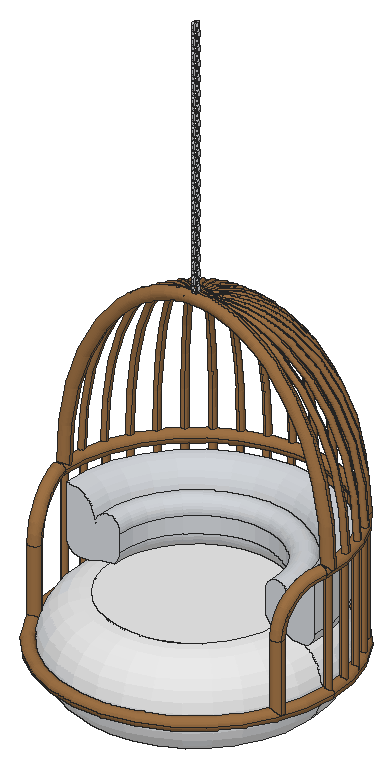
Revit family "BALANÇO PRA SER FELIZ", category Modelos genéricos, Revit 2021
Family settings
  Pode hospedar o vergalhão = Não
  Cota do conector redondo = Utilizar diâmetro
  Tipo de parte = Normal
  Com base no plano de trabalho = Não
  Sempre na vertical = Sim
  Corte com vazios quando carregada = Não
  Compartilhado = Não
  Ponto de cálculo do ambiente = Não
Parameters
  Elevação padrão = 0 mm
Reference planes
  plane 1 "Centro (Frente/Trás)": y = 0
  plane 2: z = 0
  plane 3 "Centro (Esquerda/Direita)": x = 0
  plane 4: z = 300
  plane 5: z = 450
  plane 6: z = 700
Forms (mm)
  Sweep 1, solid, material "FREIJO"
    path origin (0, 0, 0) x (1, 0, 0) y (0, 1, 0)
      loop
        circle (0, 0) r 450
    profile origin (0, 450, 0) x (0, -1, 0) y (0, 0, 1)
      loop
        circle (0, 300) r 20
  Extrusion 2, solid, material "Tecido"
    sketch origin (0, 0, 0) x (1, 0, 0) y (0, 1, 0)
      loop
        circle (0, 0) r 430
    from 150 to 450
  Revolve 3, void
    sketch origin (0, 0, 0) x (1, 0, 0) y (0, 0, 1)
      loop
        line (-479.315, 449) -> (-479.315, 131) -> (-280, 131) -> (-280, 150)
        arc (-280, 150) -> (-430, 300) -> (-280, 450) r 150
        line (-280, 450) -> (-280, 484) -> (-479.315, 484) -> (-479.315, 449)
      axis (0, 484) -> (0, 131)
    angle from 0 to 360
  Sweep 4, solid, material "FREIJO"
    path origin (0, 0, 0) x (1, 0, 0) y (0, 1, 0)
      loop
        arc (449.254, -25.897) -> (0, 450) -> (-449.254, -25.897) r 450
    profile origin (0, 450, 0) x (0, -1, 0) y (0, 0, 1)
      loop
        circle (0, 680) r 20
  Sweep 5, solid, material "FREIJO"
    path origin (-499.377, 183.178, 100) x (-0.233118, 0.972448, 0) y (0, 0, 1)
      loop
        line (-365, 200) -> (-365, 430)
        arc (-365, 430) -> (-321.066, 536.066) -> (-215, 580) r 150
    profile origin (-414.289, -171.765, 415) x (0.233118, -0.972448, 0) y (0.972448, 0.233118, 0)
      loop
        circle (0, 0) r 20
  Extrusion 6, solid, material "FREIJO"
    sketch origin (0, 0, 0) x (-0.000047, 1, 0) y (-1, -0.000047, 0)
      loop
        circle (0, 451.635) r 10
    from 300 to 685
  Extrusion 7, solid, material "FREIJO"
    sketch origin (0, 0, 0) x (0.164805, 0.986326, 0) y (-0.986326, 0.164805, 0)
      loop
        circle (0, 451.635) r 10
    from 300 to 685
  Extrusion 8, solid, material "FREIJO"
    sketch origin (0, 0, 0) x (0.325148, 0.945663, 0) y (-0.945663, 0.325148, 0)
      loop
        circle (0, 451.635) r 10
    from 300 to 685
  Extrusion 9, solid, material "FREIJO"
    sketch origin (0, 0, 0) x (0.476593, 0.879124, 0) y (-0.879124, 0.476593, 0)
      loop
        circle (0, 451.635) r 10
    from 300 to 685
  Extrusion 10, solid, material "FREIJO"
    sketch origin (0, 0, 0) x (0.614998, 0.788529, 0) y (-0.788529, 0.614998, 0)
      loop
        circle (0, 451.635) r 10
    from 300 to 685
  Extrusion 11, solid, material "FREIJO"
    sketch origin (0, 0, 0) x (0.736574, 0.676357, 0) y (-0.676357, 0.736574, 0)
      loop
        circle (0, 451.635) r 10
    from 300 to 685
  Extrusion 12, solid, material "FREIJO"
    sketch origin (0, 0, 0) x (0.837995, 0.545678, 0) y (-0.545678, 0.837995, 0)
      loop
        circle (0, 451.635) r 10
    from 300 to 685
  Extrusion 13, solid, material "FREIJO"
    sketch origin (0, 0, 0) x (0.916486, 0.400068, 0) y (-0.400068, 0.916486, 0)
      loop
        circle (0, 451.635) r 10
    from 300 to 685
  Extrusion 14, solid, material "FREIJO"
    sketch origin (0, 0, 0) x (0.969898, 0.24351, 0) y (-0.24351, 0.969898, 0)
      loop
        circle (0, 451.635) r 10
    from 300 to 685
  Extrusion 15, solid, material "FREIJO"
    sketch origin (0, 0, 0) x (0.996772, 0.080289, 0) y (-0.080289, 0.996772, 0)
      loop
        circle (0, 451.635) r 10
    from 300 to 685
  Extrusion 16, solid, material "FREIJO"
    sketch origin (0, 0, 0) x (0.99637, -0.085129, 0) y (0.085129, 0.99637, 0)
      loop
        circle (0, 451.635) r 10
    from 300 to 685
  Extrusion 17, solid, material "FREIJO"
    sketch origin (0, 0, 0) x (0.968704, -0.248217, 0) y (0.248217, 0.968704, 0)
      loop
        circle (0, 451.635) r 10
    from 300 to 685
  Extrusion 18, solid, material "FREIJO"
    sketch origin (0, 0, 0) x (0.914532, -0.404513, 0) y (0.404513, 0.914532, 0)
      loop
        circle (0, 451.635) r 10
    from 300 to 685
  Extrusion 19, solid, material "FREIJO"
    sketch origin (0, 0, 0) x (0.835335, -0.549741, 0) y (0.549741, 0.835335, 0)
      loop
        circle (0, 451.635) r 10
    from 300 to 685
  Extrusion 20, solid, material "FREIJO"
    sketch origin (0, 0, 0) x (0.733281, -0.679926, 0) y (0.679926, 0.733281, 0)
      loop
        circle (0, 451.635) r 10
    from 300 to 685
  Extrusion 21, solid, material "FREIJO"
    sketch origin (0, 0, 0) x (0.611162, -0.791506, 0) y (0.791506, 0.611162, 0)
      loop
        circle (0, 451.635) r 10
    from 300 to 685
  Extrusion 22, solid, material "FREIJO"
    sketch origin (0, 0, 0) x (0.472319, -0.881428, 0) y (0.881428, 0.472319, 0)
      loop
        circle (0, 451.635) r 10
    from 300 to 685
  Extrusion 23, solid, material "FREIJO"
    sketch origin (0, 0, 0) x (0.320552, -0.947231, 0) y (0.947231, 0.320552, 0)
      loop
        circle (0, 451.635) r 10
    from 300 to 685
  Extrusion 24, solid, material "FREIJO"
    sketch origin (0, 0, 0) x (0.160014, -0.987115, 0) y (0.987115, 0.160014, 0)
      loop
        circle (0, 451.635) r 10
    from 300 to 685
  Extrusion 25, solid, material "FREIJO"
    sketch origin (0, 0, 0) x (-0.004903, -0.999988, 0) y (0.999988, -0.004903, 0)
      loop
        circle (0, 451.635) r 10
    from 300 to 685
  Sweep 26, solid, material "FREIJO"
    path origin (499.377, 183.178, 100) x (0.233118, 0.972448, 0) y (0, 0, -1)
      loop
        line (-365, -200) -> (-365, -430)
        arc (-365, -430) -> (-321.066, -536.066) -> (-215, -580) r 150
    profile origin (414.289, -171.765, 415) x (0.233118, 0.972448, 0) y (-0.972448, 0.233118, 0)
      loop
        circle (0, 0) r 20
  Sweep 27, solid, material "FREIJO"
    path origin (0, 0, 0) x (-1, -0.000047, 0) y (0, 0, 1)
      loop
        spline (-451.967, 685) -> (-438.853, 856.127) -> (-394.951, 1016.301) -> (-323.342, 1154.285) -> (-229.049, 1260.4) -> (-118.688, 1327.2) -> (0, 1350) -> (118.688, 1327.2) -> (229.049, 1260.4) -> (323.342, 1154.285) -> (394.951, 1016.301) -> (438.853, 856.127) -> (451.967, 685)
    profile origin (0, 0, 1350) x (0, 0, 1) y (-0.000047, 1, 0)
      loop
        circle (0, 0) r 20
  Sweep 28, solid, material "FREIJO"
    path origin (0, 0, 0) x (-0.986326, 0.164805, 0) y (0, 0, 1)
      loop
        spline (457.248, 700) -> (453.331, 785.107) -> (441.647, 868.749) -> (422.398, 949.486) -> (395.914, 1025.927) -> (362.653, 1096.756) -> (323.186, 1160.753) -> (278.193, 1216.818) -> (228.449, 1263.984) -> (174.81, 1301.439) -> (118.2, 1328.539) -> (59.594, 1344.817) -> (0, 1349.992)
    profile origin (-318.767, 53.263, 1160.753) x (0.806714, -0.134794, -0.575364) y (0.164805, 0.986326, 0)
      loop
        circle (0, 0) r 10
  Sweep 29, solid, material "FREIJO"
    path origin (0, 0, 0) x (-0.945663, 0.325148, 0) y (0, 0, 1)
      loop
        spline (457.248, 700) -> (453.331, 785.107) -> (441.647, 868.749) -> (422.398, 949.486) -> (395.914, 1025.927) -> (362.653, 1096.756) -> (323.186, 1160.753) -> (278.193, 1216.818) -> (228.449, 1263.984) -> (174.81, 1301.439) -> (118.2, 1328.539) -> (59.594, 1344.817) -> (0, 1349.992)
    profile origin (-305.625, 105.083, 1160.753) x (0.773456, -0.265938, -0.575364) y (0.325148, 0.945663, 0)
      loop
        circle (0, 0) r 10
  Sweep 30, solid, material "FREIJO"
    path origin (0, 0, 0) x (-0.879124, 0.476593, 0) y (0, 0, 1)
      loop
        spline (457.248, 700) -> (453.331, 785.107) -> (441.647, 868.749) -> (422.398, 949.486) -> (395.914, 1025.927) -> (362.653, 1096.756) -> (323.186, 1160.753) -> (278.193, 1216.818) -> (228.449, 1263.984) -> (174.81, 1301.439) -> (118.2, 1328.539) -> (59.594, 1344.817) -> (0, 1349.992)
    profile origin (-284.12, 154.028, 1160.753) x (0.719033, -0.389805, -0.575364) y (0.476593, 0.879124, 0)
      loop
        circle (0, 0) r 10
  Sweep 31, solid, material "FREIJO"
    path origin (0, 0, 0) x (-0.788529, 0.614998, 0) y (0, 0, 1)
      loop
        spline (457.248, 700) -> (453.331, 785.107) -> (441.647, 868.749) -> (422.398, 949.486) -> (395.914, 1025.927) -> (362.653, 1096.756) -> (323.186, 1160.753) -> (278.193, 1216.818) -> (228.449, 1263.984) -> (174.81, 1301.439) -> (118.2, 1328.539) -> (59.594, 1344.817) -> (0, 1349.992)
    profile origin (-254.841, 198.759, 1160.753) x (0.644936, -0.503005, -0.575364) y (0.614998, 0.788529, 0)
      loop
        circle (0, 0) r 10
  Sweep 32, solid, material "FREIJO"
    path origin (0, 0, 0) x (-0.676357, 0.736574, 0) y (0, 0, 1)
      loop
        spline (457.248, 700) -> (453.331, 785.107) -> (441.647, 868.749) -> (422.398, 949.486) -> (395.914, 1025.927) -> (362.653, 1096.756) -> (323.186, 1160.753) -> (278.193, 1216.818) -> (228.449, 1263.984) -> (174.81, 1301.439) -> (118.2, 1328.539) -> (59.594, 1344.817) -> (0, 1349.992)
    profile origin (-218.589, 238.05, 1160.753) x (0.553191, -0.602442, -0.575364) y (0.736574, 0.676357, 0)
      loop
        circle (0, 0) r 10
  Sweep 33, solid, material "FREIJO"
    path origin (0, 0, 0) x (-0.545678, 0.837995, 0) y (0, 0, 1)
      loop
        spline (457.248, 700) -> (453.331, 785.107) -> (441.647, 868.749) -> (422.398, 949.486) -> (395.914, 1025.927) -> (362.653, 1096.756) -> (323.186, 1160.753) -> (278.193, 1216.818) -> (228.449, 1263.984) -> (174.81, 1301.439) -> (118.2, 1328.539) -> (59.594, 1344.817) -> (0, 1349.992)
    profile origin (-176.355, 270.828, 1160.753) x (0.446309, -0.685394, -0.575364) y (0.837995, 0.545678, 0)
      loop
        circle (0, 0) r 10
  Sweep 34, solid, material "FREIJO"
    path origin (0, 0, 0) x (-0.400068, 0.916486, 0) y (0, 0, 1)
      loop
        spline (457.248, 700) -> (453.331, 785.107) -> (441.647, 868.749) -> (422.398, 949.486) -> (395.914, 1025.927) -> (362.653, 1096.756) -> (323.186, 1160.753) -> (278.193, 1216.818) -> (228.449, 1263.984) -> (174.81, 1301.439) -> (118.2, 1328.539) -> (59.594, 1344.817) -> (0, 1349.992)
    profile origin (-129.296, 296.195, 1160.753) x (0.327214, -0.749591, -0.575364) y (0.916486, 0.400068, 0)
      loop
        circle (0, 0) r 10
  Sweep 35, solid, material "FREIJO"
    path origin (0, 0, 0) x (-0.24351, 0.969898, 0) y (0, 0, 1)
      loop
        spline (457.248, 700) -> (453.331, 785.107) -> (441.647, 868.749) -> (422.398, 949.486) -> (395.914, 1025.927) -> (362.653, 1096.756) -> (323.186, 1160.753) -> (278.193, 1216.818) -> (228.449, 1263.984) -> (174.81, 1301.439) -> (118.2, 1328.539) -> (59.594, 1344.817) -> (0, 1349.992)
    profile origin (-78.699, 313.457, 1160.753) x (0.199166, -0.793277, -0.575364) y (0.969898, 0.24351, 0)
      loop
        circle (0, 0) r 10
  Sweep 36, solid, material "FREIJO"
    path origin (0, 0, 0) x (-0.080289, 0.996772, 0) y (0, 0, 1)
      loop
        spline (457.248, 700) -> (453.331, 785.107) -> (441.647, 868.749) -> (422.398, 949.486) -> (395.914, 1025.927) -> (362.653, 1096.756) -> (323.186, 1160.753) -> (278.193, 1216.818) -> (228.449, 1263.984) -> (174.81, 1301.439) -> (118.2, 1328.539) -> (59.594, 1344.817) -> (0, 1349.992)
    profile origin (-25.948, 322.142, 1160.753) x (0.065668, -0.815257, -0.575364) y (0.996772, 0.080289, 0)
      loop
        circle (0, 0) r 10
  Sweep 37, solid, material "FREIJO"
    path origin (0, 0, 0) x (0.085129, 0.99637, 0) y (0, 0, 1)
      loop
        spline (457.248, 700) -> (453.331, 785.107) -> (441.647, 868.749) -> (422.398, 949.486) -> (395.914, 1025.927) -> (362.653, 1096.756) -> (323.186, 1160.753) -> (278.193, 1216.818) -> (228.449, 1263.984) -> (174.81, 1301.439) -> (118.2, 1328.539) -> (59.594, 1344.817) -> (0, 1349.992)
    profile origin (27.512, 322.013, 1160.753) x (-0.069626, -0.814929, -0.575364) y (0.99637, -0.085129, 0)
      loop
        circle (0, 0) r 10
  Sweep 38, solid, material "FREIJO"
    path origin (0, 0, 0) x (0.248217, 0.968704, 0) y (0, 0, 1)
      loop
        spline (457.248, 700) -> (453.331, 785.107) -> (441.647, 868.749) -> (422.398, 949.486) -> (395.914, 1025.927) -> (362.653, 1096.756) -> (323.186, 1160.753) -> (278.193, 1216.818) -> (228.449, 1263.984) -> (174.81, 1301.439) -> (118.2, 1328.539) -> (59.594, 1344.817) -> (0, 1349.992)
    profile origin (80.22, 313.072, 1160.753) x (-0.203016, -0.792301, -0.575364) y (0.968704, -0.248217, 0)
      loop
        circle (0, 0) r 10
  Sweep 39, solid, material "FREIJO"
    path origin (0, 0, 0) x (0.404513, 0.914532, 0) y (0, 0, 1)
      loop
        spline (457.248, 700) -> (453.331, 785.107) -> (441.647, 868.749) -> (422.398, 949.486) -> (395.914, 1025.927) -> (362.653, 1096.756) -> (323.186, 1160.753) -> (278.193, 1216.818) -> (228.449, 1263.984) -> (174.81, 1301.439) -> (118.2, 1328.539) -> (59.594, 1344.817) -> (0, 1349.992)
    profile origin (130.733, 295.564, 1160.753) x (-0.33085, -0.747994, -0.575364) y (0.914532, -0.404513, 0)
      loop
        circle (0, 0) r 10
  Sweep 40, solid, material "FREIJO"
    path origin (0, 0, 0) x (0.549741, 0.835335, 0) y (0, 0, 1)
      loop
        spline (457.248, 700) -> (453.331, 785.107) -> (441.647, 868.749) -> (422.398, 949.486) -> (395.914, 1025.927) -> (362.653, 1096.756) -> (323.186, 1160.753) -> (278.193, 1216.818) -> (228.449, 1263.984) -> (174.81, 1301.439) -> (118.2, 1328.539) -> (59.594, 1344.817) -> (0, 1349.992)
    profile origin (177.668, 269.968, 1160.753) x (-0.449632, -0.683219, -0.575364) y (0.835335, -0.549741, 0)
      loop
        circle (0, 0) r 10
  Sweep 41, solid, material "FREIJO"
    path origin (0, 0, 0) x (0.679926, 0.733281, 0) y (0, 0, 1)
      loop
        spline (457.248, 700) -> (453.331, 785.107) -> (441.647, 868.749) -> (422.398, 949.486) -> (395.914, 1025.927) -> (362.653, 1096.756) -> (323.186, 1160.753) -> (278.193, 1216.818) -> (228.449, 1263.984) -> (174.81, 1301.439) -> (118.2, 1328.539) -> (59.594, 1344.817) -> (0, 1349.992)
    profile origin (219.742, 236.986, 1160.753) x (-0.55611, -0.599749, -0.575364) y (0.733281, -0.679926, 0)
      loop
        circle (0, 0) r 10
  Sweep 42, solid, material "FREIJO"
    path origin (0, 0, 0) x (0.791506, 0.611162, 0) y (0, 0, 1)
      loop
        spline (457.248, 700) -> (453.331, 785.107) -> (441.647, 868.749) -> (422.398, 949.486) -> (395.914, 1025.927) -> (362.653, 1096.756) -> (323.186, 1160.753) -> (278.193, 1216.818) -> (228.449, 1263.984) -> (174.81, 1301.439) -> (118.2, 1328.539) -> (59.594, 1344.817) -> (0, 1349.992)
    profile origin (255.803, 197.519, 1160.753) x (-0.647371, -0.499867, -0.575364) y (0.611162, -0.791506, 0)
      loop
        circle (0, 0) r 10
  Sweep 43, solid, material "FREIJO"
    path origin (0, 0, 0) x (0.881428, 0.472319, 0) y (0, 0, 1)
      loop
        spline (457.248, 700) -> (453.331, 785.107) -> (441.647, 868.749) -> (422.398, 949.486) -> (395.914, 1025.927) -> (362.653, 1096.756) -> (323.186, 1160.753) -> (278.193, 1216.818) -> (228.449, 1263.984) -> (174.81, 1301.439) -> (118.2, 1328.539) -> (59.594, 1344.817) -> (0, 1349.992)
    profile origin (284.865, 152.647, 1160.753) x (-0.720918, -0.386308, -0.575364) y (0.472319, -0.881428, 0)
      loop
        circle (0, 0) r 10
  Sweep 44, solid, material "FREIJO"
    path origin (0, 0, 0) x (0.947231, 0.320552, 0) y (0, 0, 1)
      loop
        spline (457.248, 700) -> (453.331, 785.107) -> (441.647, 868.749) -> (422.398, 949.486) -> (395.914, 1025.927) -> (362.653, 1096.756) -> (323.186, 1160.753) -> (278.193, 1216.818) -> (228.449, 1263.984) -> (174.81, 1301.439) -> (118.2, 1328.539) -> (59.594, 1344.817) -> (0, 1349.992)
    profile origin (306.132, 103.598, 1160.753) x (-0.774738, -0.262179, -0.575364) y (0.320552, -0.947231, 0)
      loop
        circle (0, 0) r 10
  Sweep 45, solid, material "FREIJO"
    path origin (0, 0, 0) x (0.987115, 0.160014, 0) y (0, 0, 1)
      loop
        spline (457.248, 700) -> (453.331, 785.107) -> (441.647, 868.749) -> (422.398, 949.486) -> (395.914, 1025.927) -> (362.653, 1096.756) -> (323.186, 1160.753) -> (278.193, 1216.818) -> (228.449, 1263.984) -> (174.81, 1301.439) -> (118.2, 1328.539) -> (59.594, 1344.817) -> (0, 1349.992)
    profile origin (319.021, 51.714, 1160.753) x (-0.807359, -0.130875, -0.575364) y (0.160014, -0.987115, 0)
      loop
        circle (0, 0) r 10
  Sweep 46, solid
    path in 3D
      loop
        arc (329.453, -18.991, 649.103) -> (0, 330, 649.103) -> (-329.453, -18.991, 649.103) r 330
    profile origin (0, 330, 649.103) x (0, -1, 0) y (0, 0, 1)
      loop
        line (-95, 0) -> (-95, -169.624)
        arc (-95, -169.624) -> (-81.82, -201.444) -> (-50, -214.624) r 45
        line (-50, -214.624) -> (25, -214.624)
        arc (25, -214.624) -> (63.891, -198.515) -> (80, -159.624) r 55
        line (80, -159.624) -> (80, -103.408)
        arc (80, -103.408) -> (44.669, -54.78) -> (0, -95) r 40.442
        arc (0, -95) -> (-27.825, -27.825) -> (-95, 0) r 95
  Extrusion 47, solid
    sketch origin (1291.188, -841.25, 649.103) x (-1, 0, 0) y (0, 0, -1)
      loop
        arc (1301.221, -725.833) -> (1299.45, -721.557) -> (1295.173, -719.786) r 6.048
        line (1295.173, -719.786) -> (1287.173, -719.786)
        arc (1287.173, -719.786) -> (1282.964, -721.529) -> (1281.221, -725.738) r 5.952
        line (1281.221, -725.738) -> (1281.221, -741.286)
        arc (1281.221, -741.286) -> (1282.978, -745.529) -> (1287.221, -747.286) r 6
        line (1287.221, -747.286) -> (1295.182, -747.286)
        arc (1295.182, -747.286) -> (1299.452, -745.517) -> (1301.221, -741.247) r 6.039
        line (1301.221, -741.247) -> (1301.221, -725.833)
      loop
        line (1299.221, -741.247) -> (1299.221, -725.833)
        arc (1299.221, -725.833) -> (1298.035, -722.971) -> (1295.173, -721.786) r 4.048
        line (1295.173, -721.786) -> (1287.173, -721.786)
        arc (1287.173, -721.786) -> (1284.378, -722.943) -> (1283.221, -725.738) r 3.952
        line (1283.221, -725.738) -> (1283.221, -741.286)
        arc (1283.221, -741.286) -> (1284.392, -744.114) -> (1287.221, -745.286) r 4
        line (1287.221, -745.286) -> (1295.182, -745.286)
        arc (1295.182, -745.286) -> (1298.038, -744.103) -> (1299.221, -741.247) r 4.039
    from -842.686 to -833.074
  Extrusion 48, solid
    sketch origin (1291.188, -341.25, 659.103) x (0, -1, 0) y (0, 0, -1)
      loop
        line (-327.449, -754.41) -> (-327.449, -738.922)
        arc (-327.449, -738.922) -> (-329.21, -734.671) -> (-333.46, -732.911) r 6.011
        line (-333.46, -732.911) -> (-341.701, -732.911)
        arc (-341.701, -732.911) -> (-345.933, -734.664) -> (-347.686, -738.896) r 5.986
        line (-347.686, -738.896) -> (-347.686, -754.372)
        arc (-347.686, -754.372) -> (-345.917, -758.642) -> (-341.647, -760.411) r 6.039
        line (-341.647, -760.411) -> (-333.45, -760.411)
        arc (-333.45, -760.411) -> (-329.207, -758.653) -> (-327.449, -754.41) r 6.001
      loop
        line (-341.647, -758.411) -> (-333.45, -758.411)
        arc (-333.45, -758.411) -> (-330.621, -757.239) -> (-329.449, -754.41) r 4.001
        line (-329.449, -754.41) -> (-329.449, -738.922)
        arc (-329.449, -738.922) -> (-330.624, -736.086) -> (-333.46, -734.911) r 4.011
        line (-333.46, -734.911) -> (-341.701, -734.911)
        arc (-341.701, -734.911) -> (-344.519, -736.078) -> (-345.686, -738.896) r 3.986
        line (-345.686, -738.896) -> (-345.686, -754.372)
        arc (-345.686, -754.372) -> (-344.503, -757.228) -> (-341.647, -758.411) r 4.039
    from -1294.981 to -1287.263
  Extrusion 49, solid
    sketch origin (1291.188, -841.25, 695.353) x (-1, 0, 0) y (0, 0, -1)
      loop
        arc (1301.221, -725.833) -> (1299.45, -721.557) -> (1295.173, -719.786) r 6.048
        line (1295.173, -719.786) -> (1287.173, -719.786)
        arc (1287.173, -719.786) -> (1282.964, -721.529) -> (1281.221, -725.738) r 5.952
        line (1281.221, -725.738) -> (1281.221, -741.286)
        arc (1281.221, -741.286) -> (1282.978, -745.529) -> (1287.221, -747.286) r 6
        line (1287.221, -747.286) -> (1295.182, -747.286)
        arc (1295.182, -747.286) -> (1299.452, -745.517) -> (1301.221, -741.247) r 6.039
        line (1301.221, -741.247) -> (1301.221, -725.833)
      loop
        line (1299.221, -741.247) -> (1299.221, -725.833)
        arc (1299.221, -725.833) -> (1298.035, -722.971) -> (1295.173, -721.786) r 4.048
        line (1295.173, -721.786) -> (1287.173, -721.786)
        arc (1287.173, -721.786) -> (1284.378, -722.943) -> (1283.221, -725.738) r 3.952
        line (1283.221, -725.738) -> (1283.221, -741.286)
        arc (1283.221, -741.286) -> (1284.392, -744.114) -> (1287.221, -745.286) r 4
        line (1287.221, -745.286) -> (1295.182, -745.286)
        arc (1295.182, -745.286) -> (1298.038, -744.103) -> (1299.221, -741.247) r 4.039
    from -842.686 to -833.074
  Extrusion 50, solid
    sketch origin (1291.188, -341.25, 705.353) x (0, -1, 0) y (0, 0, -1)
      loop
        line (-327.449, -754.41) -> (-327.449, -738.922)
        arc (-327.449, -738.922) -> (-329.21, -734.671) -> (-333.46, -732.911) r 6.011
        line (-333.46, -732.911) -> (-341.701, -732.911)
        arc (-341.701, -732.911) -> (-345.933, -734.664) -> (-347.686, -738.896) r 5.986
        line (-347.686, -738.896) -> (-347.686, -754.372)
        arc (-347.686, -754.372) -> (-345.917, -758.642) -> (-341.647, -760.411) r 6.039
        line (-341.647, -760.411) -> (-333.45, -760.411)
        arc (-333.45, -760.411) -> (-329.207, -758.653) -> (-327.449, -754.41) r 6.001
      loop
        line (-341.647, -758.411) -> (-333.45, -758.411)
        arc (-333.45, -758.411) -> (-330.621, -757.239) -> (-329.449, -754.41) r 4.001
        line (-329.449, -754.41) -> (-329.449, -738.922)
        arc (-329.449, -738.922) -> (-330.624, -736.086) -> (-333.46, -734.911) r 4.011
        line (-333.46, -734.911) -> (-341.701, -734.911)
        arc (-341.701, -734.911) -> (-344.519, -736.078) -> (-345.686, -738.896) r 3.986
        line (-345.686, -738.896) -> (-345.686, -754.372)
        arc (-345.686, -754.372) -> (-344.503, -757.228) -> (-341.647, -758.411) r 4.039
    from -1294.981 to -1287.263
  Extrusion 51, solid
    sketch origin (1291.188, -841.25, 740.928) x (-1, 0, 0) y (0, 0, -1)
      loop
        arc (1301.221, -725.833) -> (1299.45, -721.557) -> (1295.173, -719.786) r 6.048
        line (1295.173, -719.786) -> (1287.173, -719.786)
        arc (1287.173, -719.786) -> (1282.964, -721.529) -> (1281.221, -725.738) r 5.952
        line (1281.221, -725.738) -> (1281.221, -741.286)
        arc (1281.221, -741.286) -> (1282.978, -745.529) -> (1287.221, -747.286) r 6
        line (1287.221, -747.286) -> (1295.182, -747.286)
        arc (1295.182, -747.286) -> (1299.452, -745.517) -> (1301.221, -741.247) r 6.039
        line (1301.221, -741.247) -> (1301.221, -725.833)
      loop
        line (1299.221, -741.247) -> (1299.221, -725.833)
        arc (1299.221, -725.833) -> (1298.035, -722.971) -> (1295.173, -721.786) r 4.048
        line (1295.173, -721.786) -> (1287.173, -721.786)
        arc (1287.173, -721.786) -> (1284.378, -722.943) -> (1283.221, -725.738) r 3.952
        line (1283.221, -725.738) -> (1283.221, -741.286)
        arc (1283.221, -741.286) -> (1284.392, -744.114) -> (1287.221, -745.286) r 4
        line (1287.221, -745.286) -> (1295.182, -745.286)
        arc (1295.182, -745.286) -> (1298.038, -744.103) -> (1299.221, -741.247) r 4.039
    from -842.686 to -833.074
  Extrusion 52, solid
    sketch origin (1291.188, -341.25, 750.928) x (0, -1, 0) y (0, 0, -1)
      loop
        line (-327.449, -754.41) -> (-327.449, -738.922)
        arc (-327.449, -738.922) -> (-329.21, -734.671) -> (-333.46, -732.911) r 6.011
        line (-333.46, -732.911) -> (-341.701, -732.911)
        arc (-341.701, -732.911) -> (-345.933, -734.664) -> (-347.686, -738.896) r 5.986
        line (-347.686, -738.896) -> (-347.686, -754.372)
        arc (-347.686, -754.372) -> (-345.917, -758.642) -> (-341.647, -760.411) r 6.039
        line (-341.647, -760.411) -> (-333.45, -760.411)
        arc (-333.45, -760.411) -> (-329.207, -758.653) -> (-327.449, -754.41) r 6.001
      loop
        line (-341.647, -758.411) -> (-333.45, -758.411)
        arc (-333.45, -758.411) -> (-330.621, -757.239) -> (-329.449, -754.41) r 4.001
        line (-329.449, -754.41) -> (-329.449, -738.922)
        arc (-329.449, -738.922) -> (-330.624, -736.086) -> (-333.46, -734.911) r 4.011
        line (-333.46, -734.911) -> (-341.701, -734.911)
        arc (-341.701, -734.911) -> (-344.519, -736.078) -> (-345.686, -738.896) r 3.986
        line (-345.686, -738.896) -> (-345.686, -754.372)
        arc (-345.686, -754.372) -> (-344.503, -757.228) -> (-341.647, -758.411) r 4.039
    from -1294.981 to -1287.263
  Extrusion 53, solid
    sketch origin (1291.188, -841.25, 787.156) x (-1, 0, 0) y (0, 0, -1)
      loop
        arc (1301.221, -725.833) -> (1299.45, -721.557) -> (1295.173, -719.786) r 6.048
        line (1295.173, -719.786) -> (1287.173, -719.786)
        arc (1287.173, -719.786) -> (1282.964, -721.529) -> (1281.221, -725.738) r 5.952
        line (1281.221, -725.738) -> (1281.221, -741.286)
        arc (1281.221, -741.286) -> (1282.978, -745.529) -> (1287.221, -747.286) r 6
        line (1287.221, -747.286) -> (1295.182, -747.286)
        arc (1295.182, -747.286) -> (1299.452, -745.517) -> (1301.221, -741.247) r 6.039
        line (1301.221, -741.247) -> (1301.221, -725.833)
      loop
        line (1299.221, -741.247) -> (1299.221, -725.833)
        arc (1299.221, -725.833) -> (1298.035, -722.971) -> (1295.173, -721.786) r 4.048
        line (1295.173, -721.786) -> (1287.173, -721.786)
        arc (1287.173, -721.786) -> (1284.378, -722.943) -> (1283.221, -725.738) r 3.952
        line (1283.221, -725.738) -> (1283.221, -741.286)
        arc (1283.221, -741.286) -> (1284.392, -744.114) -> (1287.221, -745.286) r 4
        line (1287.221, -745.286) -> (1295.182, -745.286)
        arc (1295.182, -745.286) -> (1298.038, -744.103) -> (1299.221, -741.247) r 4.039
    from -842.686 to -833.074
  Extrusion 54, solid
    sketch origin (1291.188, -341.25, 797.156) x (0, -1, 0) y (0, 0, -1)
      loop
        line (-327.449, -754.41) -> (-327.449, -738.922)
        arc (-327.449, -738.922) -> (-329.21, -734.671) -> (-333.46, -732.911) r 6.011
        line (-333.46, -732.911) -> (-341.701, -732.911)
        arc (-341.701, -732.911) -> (-345.933, -734.664) -> (-347.686, -738.896) r 5.986
        line (-347.686, -738.896) -> (-347.686, -754.372)
        arc (-347.686, -754.372) -> (-345.917, -758.642) -> (-341.647, -760.411) r 6.039
        line (-341.647, -760.411) -> (-333.45, -760.411)
        arc (-333.45, -760.411) -> (-329.207, -758.653) -> (-327.449, -754.41) r 6.001
      loop
        line (-341.647, -758.411) -> (-333.45, -758.411)
        arc (-333.45, -758.411) -> (-330.621, -757.239) -> (-329.449, -754.41) r 4.001
        line (-329.449, -754.41) -> (-329.449, -738.922)
        arc (-329.449, -738.922) -> (-330.624, -736.086) -> (-333.46, -734.911) r 4.011
        line (-333.46, -734.911) -> (-341.701, -734.911)
        arc (-341.701, -734.911) -> (-344.519, -736.078) -> (-345.686, -738.896) r 3.986
        line (-345.686, -738.896) -> (-345.686, -754.372)
        arc (-345.686, -754.372) -> (-344.503, -757.228) -> (-341.647, -758.411) r 4.039
    from -1294.981 to -1287.263
  Extrusion 55, solid
    sketch origin (1291.188, -841.25, 832.731) x (-1, 0, 0) y (0, 0, -1)
      loop
        arc (1301.221, -725.833) -> (1299.45, -721.557) -> (1295.173, -719.786) r 6.048
        line (1295.173, -719.786) -> (1287.173, -719.786)
        arc (1287.173, -719.786) -> (1282.964, -721.529) -> (1281.221, -725.738) r 5.952
        line (1281.221, -725.738) -> (1281.221, -741.286)
        arc (1281.221, -741.286) -> (1282.978, -745.529) -> (1287.221, -747.286) r 6
        line (1287.221, -747.286) -> (1295.182, -747.286)
        arc (1295.182, -747.286) -> (1299.452, -745.517) -> (1301.221, -741.247) r 6.039
        line (1301.221, -741.247) -> (1301.221, -725.833)
      loop
        line (1299.221, -741.247) -> (1299.221, -725.833)
        arc (1299.221, -725.833) -> (1298.035, -722.971) -> (1295.173, -721.786) r 4.048
        line (1295.173, -721.786) -> (1287.173, -721.786)
        arc (1287.173, -721.786) -> (1284.378, -722.943) -> (1283.221, -725.738) r 3.952
        line (1283.221, -725.738) -> (1283.221, -741.286)
        arc (1283.221, -741.286) -> (1284.392, -744.114) -> (1287.221, -745.286) r 4
        line (1287.221, -745.286) -> (1295.182, -745.286)
        arc (1295.182, -745.286) -> (1298.038, -744.103) -> (1299.221, -741.247) r 4.039
    from -842.686 to -833.074
  Extrusion 56, solid
    sketch origin (1291.188, -341.25, 842.731) x (0, -1, 0) y (0, 0, -1)
      loop
        line (-327.449, -754.41) -> (-327.449, -738.922)
        arc (-327.449, -738.922) -> (-329.21, -734.671) -> (-333.46, -732.911) r 6.011
        line (-333.46, -732.911) -> (-341.701, -732.911)
        arc (-341.701, -732.911) -> (-345.933, -734.664) -> (-347.686, -738.896) r 5.986
        line (-347.686, -738.896) -> (-347.686, -754.372)
        arc (-347.686, -754.372) -> (-345.917, -758.642) -> (-341.647, -760.411) r 6.039
        line (-341.647, -760.411) -> (-333.45, -760.411)
        arc (-333.45, -760.411) -> (-329.207, -758.653) -> (-327.449, -754.41) r 6.001
      loop
        line (-341.647, -758.411) -> (-333.45, -758.411)
        arc (-333.45, -758.411) -> (-330.621, -757.239) -> (-329.449, -754.41) r 4.001
        line (-329.449, -754.41) -> (-329.449, -738.922)
        arc (-329.449, -738.922) -> (-330.624, -736.086) -> (-333.46, -734.911) r 4.011
        line (-333.46, -734.911) -> (-341.701, -734.911)
        arc (-341.701, -734.911) -> (-344.519, -736.078) -> (-345.686, -738.896) r 3.986
        line (-345.686, -738.896) -> (-345.686, -754.372)
        arc (-345.686, -754.372) -> (-344.503, -757.228) -> (-341.647, -758.411) r 4.039
    from -1294.981 to -1287.263
  Extrusion 57, solid
    sketch origin (1291.188, -841.25, 877.853) x (-1, 0, 0) y (0, 0, -1)
      loop
        arc (1301.221, -725.833) -> (1299.45, -721.557) -> (1295.173, -719.786) r 6.048
        line (1295.173, -719.786) -> (1287.173, -719.786)
        arc (1287.173, -719.786) -> (1282.964, -721.529) -> (1281.221, -725.738) r 5.952
        line (1281.221, -725.738) -> (1281.221, -741.286)
        arc (1281.221, -741.286) -> (1282.978, -745.529) -> (1287.221, -747.286) r 6
        line (1287.221, -747.286) -> (1295.182, -747.286)
        arc (1295.182, -747.286) -> (1299.452, -745.517) -> (1301.221, -741.247) r 6.039
        line (1301.221, -741.247) -> (1301.221, -725.833)
      loop
        line (1299.221, -741.247) -> (1299.221, -725.833)
        arc (1299.221, -725.833) -> (1298.035, -722.971) -> (1295.173, -721.786) r 4.048
        line (1295.173, -721.786) -> (1287.173, -721.786)
        arc (1287.173, -721.786) -> (1284.378, -722.943) -> (1283.221, -725.738) r 3.952
        line (1283.221, -725.738) -> (1283.221, -741.286)
        arc (1283.221, -741.286) -> (1284.392, -744.114) -> (1287.221, -745.286) r 4
        line (1287.221, -745.286) -> (1295.182, -745.286)
        arc (1295.182, -745.286) -> (1298.038, -744.103) -> (1299.221, -741.247) r 4.039
    from -842.686 to -833.074
  Extrusion 58, solid
    sketch origin (1291.188, -341.25, 887.853) x (0, -1, 0) y (0, 0, -1)
      loop
        line (-327.449, -754.41) -> (-327.449, -738.922)
        arc (-327.449, -738.922) -> (-329.21, -734.671) -> (-333.46, -732.911) r 6.011
        line (-333.46, -732.911) -> (-341.701, -732.911)
        arc (-341.701, -732.911) -> (-345.933, -734.664) -> (-347.686, -738.896) r 5.986
        line (-347.686, -738.896) -> (-347.686, -754.372)
        arc (-347.686, -754.372) -> (-345.917, -758.642) -> (-341.647, -760.411) r 6.039
        line (-341.647, -760.411) -> (-333.45, -760.411)
        arc (-333.45, -760.411) -> (-329.207, -758.653) -> (-327.449, -754.41) r 6.001
      loop
        line (-341.647, -758.411) -> (-333.45, -758.411)
        arc (-333.45, -758.411) -> (-330.621, -757.239) -> (-329.449, -754.41) r 4.001
        line (-329.449, -754.41) -> (-329.449, -738.922)
        arc (-329.449, -738.922) -> (-330.624, -736.086) -> (-333.46, -734.911) r 4.011
        line (-333.46, -734.911) -> (-341.701, -734.911)
        arc (-341.701, -734.911) -> (-344.519, -736.078) -> (-345.686, -738.896) r 3.986
        line (-345.686, -738.896) -> (-345.686, -754.372)
        arc (-345.686, -754.372) -> (-344.503, -757.228) -> (-341.647, -758.411) r 4.039
    from -1294.981 to -1287.263
  Extrusion 59, solid
    sketch origin (1291.188, -841.25, 923.428) x (-1, 0, 0) y (0, 0, -1)
      loop
        arc (1301.221, -725.833) -> (1299.45, -721.557) -> (1295.173, -719.786) r 6.048
        line (1295.173, -719.786) -> (1287.173, -719.786)
        arc (1287.173, -719.786) -> (1282.964, -721.529) -> (1281.221, -725.738) r 5.952
        line (1281.221, -725.738) -> (1281.221, -741.286)
        arc (1281.221, -741.286) -> (1282.978, -745.529) -> (1287.221, -747.286) r 6
        line (1287.221, -747.286) -> (1295.182, -747.286)
        arc (1295.182, -747.286) -> (1299.452, -745.517) -> (1301.221, -741.247) r 6.039
        line (1301.221, -741.247) -> (1301.221, -725.833)
      loop
        line (1299.221, -741.247) -> (1299.221, -725.833)
        arc (1299.221, -725.833) -> (1298.035, -722.971) -> (1295.173, -721.786) r 4.048
        line (1295.173, -721.786) -> (1287.173, -721.786)
        arc (1287.173, -721.786) -> (1284.378, -722.943) -> (1283.221, -725.738) r 3.952
        line (1283.221, -725.738) -> (1283.221, -741.286)
        arc (1283.221, -741.286) -> (1284.392, -744.114) -> (1287.221, -745.286) r 4
        line (1287.221, -745.286) -> (1295.182, -745.286)
        arc (1295.182, -745.286) -> (1298.038, -744.103) -> (1299.221, -741.247) r 4.039
    from -842.686 to -833.074
  Extrusion 60, solid
    sketch origin (1291.188, -341.25, 933.428) x (0, -1, 0) y (0, 0, -1)
      loop
        line (-327.449, -754.41) -> (-327.449, -738.922)
        arc (-327.449, -738.922) -> (-329.21, -734.671) -> (-333.46, -732.911) r 6.011
        line (-333.46, -732.911) -> (-341.701, -732.911)
        arc (-341.701, -732.911) -> (-345.933, -734.664) -> (-347.686, -738.896) r 5.986
        line (-347.686, -738.896) -> (-347.686, -754.372)
        arc (-347.686, -754.372) -> (-345.917, -758.642) -> (-341.647, -760.411) r 6.039
        line (-341.647, -760.411) -> (-333.45, -760.411)
        arc (-333.45, -760.411) -> (-329.207, -758.653) -> (-327.449, -754.41) r 6.001
      loop
        line (-341.647, -758.411) -> (-333.45, -758.411)
        arc (-333.45, -758.411) -> (-330.621, -757.239) -> (-329.449, -754.41) r 4.001
        line (-329.449, -754.41) -> (-329.449, -738.922)
        arc (-329.449, -738.922) -> (-330.624, -736.086) -> (-333.46, -734.911) r 4.011
        line (-333.46, -734.911) -> (-341.701, -734.911)
        arc (-341.701, -734.911) -> (-344.519, -736.078) -> (-345.686, -738.896) r 3.986
        line (-345.686, -738.896) -> (-345.686, -754.372)
        arc (-345.686, -754.372) -> (-344.503, -757.228) -> (-341.647, -758.411) r 4.039
    from -1294.981 to -1287.263
  Extrusion 61, solid
    sketch origin (1291.188, -841.25, 969.656) x (-1, 0, 0) y (0, 0, -1)
      loop
        arc (1301.221, -725.833) -> (1299.45, -721.557) -> (1295.173, -719.786) r 6.048
        line (1295.173, -719.786) -> (1287.173, -719.786)
        arc (1287.173, -719.786) -> (1282.964, -721.529) -> (1281.221, -725.738) r 5.952
        line (1281.221, -725.738) -> (1281.221, -741.286)
        arc (1281.221, -741.286) -> (1282.978, -745.529) -> (1287.221, -747.286) r 6
        line (1287.221, -747.286) -> (1295.182, -747.286)
        arc (1295.182, -747.286) -> (1299.452, -745.517) -> (1301.221, -741.247) r 6.039
        line (1301.221, -741.247) -> (1301.221, -725.833)
      loop
        line (1299.221, -741.247) -> (1299.221, -725.833)
        arc (1299.221, -725.833) -> (1298.035, -722.971) -> (1295.173, -721.786) r 4.048
        line (1295.173, -721.786) -> (1287.173, -721.786)
        arc (1287.173, -721.786) -> (1284.378, -722.943) -> (1283.221, -725.738) r 3.952
        line (1283.221, -725.738) -> (1283.221, -741.286)
        arc (1283.221, -741.286) -> (1284.392, -744.114) -> (1287.221, -745.286) r 4
        line (1287.221, -745.286) -> (1295.182, -745.286)
        arc (1295.182, -745.286) -> (1298.038, -744.103) -> (1299.221, -741.247) r 4.039
    from -842.686 to -833.074
  Extrusion 62, solid
    sketch origin (1291.188, -341.25, 979.656) x (0, -1, 0) y (0, 0, -1)
      loop
        line (-327.449, -754.41) -> (-327.449, -738.922)
        arc (-327.449, -738.922) -> (-329.21, -734.671) -> (-333.46, -732.911) r 6.011
        line (-333.46, -732.911) -> (-341.701, -732.911)
        arc (-341.701, -732.911) -> (-345.933, -734.664) -> (-347.686, -738.896) r 5.986
        line (-347.686, -738.896) -> (-347.686, -754.372)
        arc (-347.686, -754.372) -> (-345.917, -758.642) -> (-341.647, -760.411) r 6.039
        line (-341.647, -760.411) -> (-333.45, -760.411)
        arc (-333.45, -760.411) -> (-329.207, -758.653) -> (-327.449, -754.41) r 6.001
      loop
        line (-341.647, -758.411) -> (-333.45, -758.411)
        arc (-333.45, -758.411) -> (-330.621, -757.239) -> (-329.449, -754.41) r 4.001
        line (-329.449, -754.41) -> (-329.449, -738.922)
        arc (-329.449, -738.922) -> (-330.624, -736.086) -> (-333.46, -734.911) r 4.011
        line (-333.46, -734.911) -> (-341.701, -734.911)
        arc (-341.701, -734.911) -> (-344.519, -736.078) -> (-345.686, -738.896) r 3.986
        line (-345.686, -738.896) -> (-345.686, -754.372)
        arc (-345.686, -754.372) -> (-344.503, -757.228) -> (-341.647, -758.411) r 4.039
    from -1294.981 to -1287.263
  Extrusion 63, solid
    sketch origin (1291.188, -841.25, 1015.231) x (-1, 0, 0) y (0, 0, -1)
      loop
        arc (1301.221, -725.833) -> (1299.45, -721.557) -> (1295.173, -719.786) r 6.048
        line (1295.173, -719.786) -> (1287.173, -719.786)
        arc (1287.173, -719.786) -> (1282.964, -721.529) -> (1281.221, -725.738) r 5.952
        line (1281.221, -725.738) -> (1281.221, -741.286)
        arc (1281.221, -741.286) -> (1282.978, -745.529) -> (1287.221, -747.286) r 6
        line (1287.221, -747.286) -> (1295.182, -747.286)
        arc (1295.182, -747.286) -> (1299.452, -745.517) -> (1301.221, -741.247) r 6.039
        line (1301.221, -741.247) -> (1301.221, -725.833)
      loop
        line (1299.221, -741.247) -> (1299.221, -725.833)
        arc (1299.221, -725.833) -> (1298.035, -722.971) -> (1295.173, -721.786) r 4.048
        line (1295.173, -721.786) -> (1287.173, -721.786)
        arc (1287.173, -721.786) -> (1284.378, -722.943) -> (1283.221, -725.738) r 3.952
        line (1283.221, -725.738) -> (1283.221, -741.286)
        arc (1283.221, -741.286) -> (1284.392, -744.114) -> (1287.221, -745.286) r 4
        line (1287.221, -745.286) -> (1295.182, -745.286)
        arc (1295.182, -745.286) -> (1298.038, -744.103) -> (1299.221, -741.247) r 4.039
    from -842.686 to -833.074
  Extrusion 64, solid
    sketch origin (1291.188, -341.25, 1025.231) x (0, -1, 0) y (0, 0, -1)
      loop
        line (-327.449, -754.41) -> (-327.449, -738.922)
        arc (-327.449, -738.922) -> (-329.21, -734.671) -> (-333.46, -732.911) r 6.011
        line (-333.46, -732.911) -> (-341.701, -732.911)
        arc (-341.701, -732.911) -> (-345.933, -734.664) -> (-347.686, -738.896) r 5.986
        line (-347.686, -738.896) -> (-347.686, -754.372)
        arc (-347.686, -754.372) -> (-345.917, -758.642) -> (-341.647, -760.411) r 6.039
        line (-341.647, -760.411) -> (-333.45, -760.411)
        arc (-333.45, -760.411) -> (-329.207, -758.653) -> (-327.449, -754.41) r 6.001
      loop
        line (-341.647, -758.411) -> (-333.45, -758.411)
        arc (-333.45, -758.411) -> (-330.621, -757.239) -> (-329.449, -754.41) r 4.001
        line (-329.449, -754.41) -> (-329.449, -738.922)
        arc (-329.449, -738.922) -> (-330.624, -736.086) -> (-333.46, -734.911) r 4.011
        line (-333.46, -734.911) -> (-341.701, -734.911)
        arc (-341.701, -734.911) -> (-344.519, -736.078) -> (-345.686, -738.896) r 3.986
        line (-345.686, -738.896) -> (-345.686, -754.372)
        arc (-345.686, -754.372) -> (-344.503, -757.228) -> (-341.647, -758.411) r 4.039
    from -1294.981 to -1287.263
  Extrusion 65, solid
    sketch origin (1291.188, -841.25, 1061.481) x (-1, 0, 0) y (0, 0, -1)
      loop
        arc (1301.221, -725.833) -> (1299.45, -721.557) -> (1295.173, -719.786) r 6.048
        line (1295.173, -719.786) -> (1287.173, -719.786)
        arc (1287.173, -719.786) -> (1282.964, -721.529) -> (1281.221, -725.738) r 5.952
        line (1281.221, -725.738) -> (1281.221, -741.286)
        arc (1281.221, -741.286) -> (1282.978, -745.529) -> (1287.221, -747.286) r 6
        line (1287.221, -747.286) -> (1295.182, -747.286)
        arc (1295.182, -747.286) -> (1299.452, -745.517) -> (1301.221, -741.247) r 6.039
        line (1301.221, -741.247) -> (1301.221, -725.833)
      loop
        line (1299.221, -741.247) -> (1299.221, -725.833)
        arc (1299.221, -725.833) -> (1298.035, -722.971) -> (1295.173, -721.786) r 4.048
        line (1295.173, -721.786) -> (1287.173, -721.786)
        arc (1287.173, -721.786) -> (1284.378, -722.943) -> (1283.221, -725.738) r 3.952
        line (1283.221, -725.738) -> (1283.221, -741.286)
        arc (1283.221, -741.286) -> (1284.392, -744.114) -> (1287.221, -745.286) r 4
        line (1287.221, -745.286) -> (1295.182, -745.286)
        arc (1295.182, -745.286) -> (1298.038, -744.103) -> (1299.221, -741.247) r 4.039
    from -842.686 to -833.074
  Extrusion 66, solid
    sketch origin (1291.188, -341.25, 1071.481) x (0, -1, 0) y (0, 0, -1)
      loop
        line (-327.449, -754.41) -> (-327.449, -738.922)
        arc (-327.449, -738.922) -> (-329.21, -734.671) -> (-333.46, -732.911) r 6.011
        line (-333.46, -732.911) -> (-341.701, -732.911)
        arc (-341.701, -732.911) -> (-345.933, -734.664) -> (-347.686, -738.896) r 5.986
        line (-347.686, -738.896) -> (-347.686, -754.372)
        arc (-347.686, -754.372) -> (-345.917, -758.642) -> (-341.647, -760.411) r 6.039
        line (-341.647, -760.411) -> (-333.45, -760.411)
        arc (-333.45, -760.411) -> (-329.207, -758.653) -> (-327.449, -754.41) r 6.001
      loop
        line (-341.647, -758.411) -> (-333.45, -758.411)
        arc (-333.45, -758.411) -> (-330.621, -757.239) -> (-329.449, -754.41) r 4.001
        line (-329.449, -754.41) -> (-329.449, -738.922)
        arc (-329.449, -738.922) -> (-330.624, -736.086) -> (-333.46, -734.911) r 4.011
        line (-333.46, -734.911) -> (-341.701, -734.911)
        arc (-341.701, -734.911) -> (-344.519, -736.078) -> (-345.686, -738.896) r 3.986
        line (-345.686, -738.896) -> (-345.686, -754.372)
        arc (-345.686, -754.372) -> (-344.503, -757.228) -> (-341.647, -758.411) r 4.039
    from -1294.981 to -1287.263
  Extrusion 67, solid
    sketch origin (1291.188, -841.25, 1106.603) x (-1, 0, 0) y (0, 0, -1)
      loop
        arc (1301.221, -725.833) -> (1299.45, -721.557) -> (1295.173, -719.786) r 6.048
        line (1295.173, -719.786) -> (1287.173, -719.786)
        arc (1287.173, -719.786) -> (1282.964, -721.529) -> (1281.221, -725.738) r 5.952
        line (1281.221, -725.738) -> (1281.221, -741.286)
        arc (1281.221, -741.286) -> (1282.978, -745.529) -> (1287.221, -747.286) r 6
        line (1287.221, -747.286) -> (1295.182, -747.286)
        arc (1295.182, -747.286) -> (1299.452, -745.517) -> (1301.221, -741.247) r 6.039
        line (1301.221, -741.247) -> (1301.221, -725.833)
      loop
        line (1299.221, -741.247) -> (1299.221, -725.833)
        arc (1299.221, -725.833) -> (1298.035, -722.971) -> (1295.173, -721.786) r 4.048
        line (1295.173, -721.786) -> (1287.173, -721.786)
        arc (1287.173, -721.786) -> (1284.378, -722.943) -> (1283.221, -725.738) r 3.952
        line (1283.221, -725.738) -> (1283.221, -741.286)
        arc (1283.221, -741.286) -> (1284.392, -744.114) -> (1287.221, -745.286) r 4
        line (1287.221, -745.286) -> (1295.182, -745.286)
        arc (1295.182, -745.286) -> (1298.038, -744.103) -> (1299.221, -741.247) r 4.039
    from -842.686 to -833.074
  Extrusion 68, solid
    sketch origin (1291.188, -341.25, 1116.603) x (0, -1, 0) y (0, 0, -1)
      loop
        line (-327.449, -754.41) -> (-327.449, -738.922)
        arc (-327.449, -738.922) -> (-329.21, -734.671) -> (-333.46, -732.911) r 6.011
        line (-333.46, -732.911) -> (-341.701, -732.911)
        arc (-341.701, -732.911) -> (-345.933, -734.664) -> (-347.686, -738.896) r 5.986
        line (-347.686, -738.896) -> (-347.686, -754.372)
        arc (-347.686, -754.372) -> (-345.917, -758.642) -> (-341.647, -760.411) r 6.039
        line (-341.647, -760.411) -> (-333.45, -760.411)
        arc (-333.45, -760.411) -> (-329.207, -758.653) -> (-327.449, -754.41) r 6.001
      loop
        line (-341.647, -758.411) -> (-333.45, -758.411)
        arc (-333.45, -758.411) -> (-330.621, -757.239) -> (-329.449, -754.41) r 4.001
        line (-329.449, -754.41) -> (-329.449, -738.922)
        arc (-329.449, -738.922) -> (-330.624, -736.086) -> (-333.46, -734.911) r 4.011
        line (-333.46, -734.911) -> (-341.701, -734.911)
        arc (-341.701, -734.911) -> (-344.519, -736.078) -> (-345.686, -738.896) r 3.986
        line (-345.686, -738.896) -> (-345.686, -754.372)
        arc (-345.686, -754.372) -> (-344.503, -757.228) -> (-341.647, -758.411) r 4.039
    from -1294.981 to -1287.263
  Extrusion 69, solid
    sketch origin (1291.188, -841.25, 1152.178) x (-1, 0, 0) y (0, 0, -1)
      loop
        arc (1301.221, -725.833) -> (1299.45, -721.557) -> (1295.173, -719.786) r 6.048
        line (1295.173, -719.786) -> (1287.173, -719.786)
        arc (1287.173, -719.786) -> (1282.964, -721.529) -> (1281.221, -725.738) r 5.952
        line (1281.221, -725.738) -> (1281.221, -741.286)
        arc (1281.221, -741.286) -> (1282.978, -745.529) -> (1287.221, -747.286) r 6
        line (1287.221, -747.286) -> (1295.182, -747.286)
        arc (1295.182, -747.286) -> (1299.452, -745.517) -> (1301.221, -741.247) r 6.039
        line (1301.221, -741.247) -> (1301.221, -725.833)
      loop
        line (1299.221, -741.247) -> (1299.221, -725.833)
        arc (1299.221, -725.833) -> (1298.035, -722.971) -> (1295.173, -721.786) r 4.048
        line (1295.173, -721.786) -> (1287.173, -721.786)
        arc (1287.173, -721.786) -> (1284.378, -722.943) -> (1283.221, -725.738) r 3.952
        line (1283.221, -725.738) -> (1283.221, -741.286)
        arc (1283.221, -741.286) -> (1284.392, -744.114) -> (1287.221, -745.286) r 4
        line (1287.221, -745.286) -> (1295.182, -745.286)
        arc (1295.182, -745.286) -> (1298.038, -744.103) -> (1299.221, -741.247) r 4.039
    from -842.686 to -833.074
  Extrusion 70, solid
    sketch origin (1291.188, -341.25, 1162.178) x (0, -1, 0) y (0, 0, -1)
      loop
        line (-327.449, -754.41) -> (-327.449, -738.922)
        arc (-327.449, -738.922) -> (-329.21, -734.671) -> (-333.46, -732.911) r 6.011
        line (-333.46, -732.911) -> (-341.701, -732.911)
        arc (-341.701, -732.911) -> (-345.933, -734.664) -> (-347.686, -738.896) r 5.986
        line (-347.686, -738.896) -> (-347.686, -754.372)
        arc (-347.686, -754.372) -> (-345.917, -758.642) -> (-341.647, -760.411) r 6.039
        line (-341.647, -760.411) -> (-333.45, -760.411)
        arc (-333.45, -760.411) -> (-329.207, -758.653) -> (-327.449, -754.41) r 6.001
      loop
        line (-341.647, -758.411) -> (-333.45, -758.411)
        arc (-333.45, -758.411) -> (-330.621, -757.239) -> (-329.449, -754.41) r 4.001
        line (-329.449, -754.41) -> (-329.449, -738.922)
        arc (-329.449, -738.922) -> (-330.624, -736.086) -> (-333.46, -734.911) r 4.011
        line (-333.46, -734.911) -> (-341.701, -734.911)
        arc (-341.701, -734.911) -> (-344.519, -736.078) -> (-345.686, -738.896) r 3.986
        line (-345.686, -738.896) -> (-345.686, -754.372)
        arc (-345.686, -754.372) -> (-344.503, -757.228) -> (-341.647, -758.411) r 4.039
    from -1294.981 to -1287.263
  Extrusion 71, solid
    sketch origin (1291.188, -841.25, 1198.406) x (-1, 0, 0) y (0, 0, -1)
      loop
        arc (1301.221, -725.833) -> (1299.45, -721.557) -> (1295.173, -719.786) r 6.048
        line (1295.173, -719.786) -> (1287.173, -719.786)
        arc (1287.173, -719.786) -> (1282.964, -721.529) -> (1281.221, -725.738) r 5.952
        line (1281.221, -725.738) -> (1281.221, -741.286)
        arc (1281.221, -741.286) -> (1282.978, -745.529) -> (1287.221, -747.286) r 6
        line (1287.221, -747.286) -> (1295.182, -747.286)
        arc (1295.182, -747.286) -> (1299.452, -745.517) -> (1301.221, -741.247) r 6.039
        line (1301.221, -741.247) -> (1301.221, -725.833)
      loop
        line (1299.221, -741.247) -> (1299.221, -725.833)
        arc (1299.221, -725.833) -> (1298.035, -722.971) -> (1295.173, -721.786) r 4.048
        line (1295.173, -721.786) -> (1287.173, -721.786)
        arc (1287.173, -721.786) -> (1284.378, -722.943) -> (1283.221, -725.738) r 3.952
        line (1283.221, -725.738) -> (1283.221, -741.286)
        arc (1283.221, -741.286) -> (1284.392, -744.114) -> (1287.221, -745.286) r 4
        line (1287.221, -745.286) -> (1295.182, -745.286)
        arc (1295.182, -745.286) -> (1298.038, -744.103) -> (1299.221, -741.247) r 4.039
    from -842.686 to -833.074
  Extrusion 72, solid
    sketch origin (1291.188, -341.25, 1208.406) x (0, -1, 0) y (0, 0, -1)
      loop
        line (-327.449, -754.41) -> (-327.449, -738.922)
        arc (-327.449, -738.922) -> (-329.21, -734.671) -> (-333.46, -732.911) r 6.011
        line (-333.46, -732.911) -> (-341.701, -732.911)
        arc (-341.701, -732.911) -> (-345.933, -734.664) -> (-347.686, -738.896) r 5.986
        line (-347.686, -738.896) -> (-347.686, -754.372)
        arc (-347.686, -754.372) -> (-345.917, -758.642) -> (-341.647, -760.411) r 6.039
        line (-341.647, -760.411) -> (-333.45, -760.411)
        arc (-333.45, -760.411) -> (-329.207, -758.653) -> (-327.449, -754.41) r 6.001
      loop
        line (-341.647, -758.411) -> (-333.45, -758.411)
        arc (-333.45, -758.411) -> (-330.621, -757.239) -> (-329.449, -754.41) r 4.001
        line (-329.449, -754.41) -> (-329.449, -738.922)
        arc (-329.449, -738.922) -> (-330.624, -736.086) -> (-333.46, -734.911) r 4.011
        line (-333.46, -734.911) -> (-341.701, -734.911)
        arc (-341.701, -734.911) -> (-344.519, -736.078) -> (-345.686, -738.896) r 3.986
        line (-345.686, -738.896) -> (-345.686, -754.372)
        arc (-345.686, -754.372) -> (-344.503, -757.228) -> (-341.647, -758.411) r 4.039
    from -1294.981 to -1287.263
  Extrusion 73, solid
    sketch origin (1291.188, -841.25, 1243.981) x (-1, 0, 0) y (0, 0, -1)
      loop
        arc (1301.221, -725.833) -> (1299.45, -721.557) -> (1295.173, -719.786) r 6.048
        line (1295.173, -719.786) -> (1287.173, -719.786)
        arc (1287.173, -719.786) -> (1282.964, -721.529) -> (1281.221, -725.738) r 5.952
        line (1281.221, -725.738) -> (1281.221, -741.286)
        arc (1281.221, -741.286) -> (1282.978, -745.529) -> (1287.221, -747.286) r 6
        line (1287.221, -747.286) -> (1295.182, -747.286)
        arc (1295.182, -747.286) -> (1299.452, -745.517) -> (1301.221, -741.247) r 6.039
        line (1301.221, -741.247) -> (1301.221, -725.833)
      loop
        line (1299.221, -741.247) -> (1299.221, -725.833)
        arc (1299.221, -725.833) -> (1298.035, -722.971) -> (1295.173, -721.786) r 4.048
        line (1295.173, -721.786) -> (1287.173, -721.786)
        arc (1287.173, -721.786) -> (1284.378, -722.943) -> (1283.221, -725.738) r 3.952
        line (1283.221, -725.738) -> (1283.221, -741.286)
        arc (1283.221, -741.286) -> (1284.392, -744.114) -> (1287.221, -745.286) r 4
        line (1287.221, -745.286) -> (1295.182, -745.286)
        arc (1295.182, -745.286) -> (1298.038, -744.103) -> (1299.221, -741.247) r 4.039
    from -842.686 to -833.074
  Extrusion 74, solid
    sketch origin (1291.188, -341.25, 1253.981) x (0, -1, 0) y (0, 0, -1)
      loop
        line (-327.449, -754.41) -> (-327.449, -738.922)
        arc (-327.449, -738.922) -> (-329.21, -734.671) -> (-333.46, -732.911) r 6.011
        line (-333.46, -732.911) -> (-341.701, -732.911)
        arc (-341.701, -732.911) -> (-345.933, -734.664) -> (-347.686, -738.896) r 5.986
        line (-347.686, -738.896) -> (-347.686, -754.372)
        arc (-347.686, -754.372) -> (-345.917, -758.642) -> (-341.647, -760.411) r 6.039
        line (-341.647, -760.411) -> (-333.45, -760.411)
        arc (-333.45, -760.411) -> (-329.207, -758.653) -> (-327.449, -754.41) r 6.001
      loop
        line (-341.647, -758.411) -> (-333.45, -758.411)
        arc (-333.45, -758.411) -> (-330.621, -757.239) -> (-329.449, -754.41) r 4.001
        line (-329.449, -754.41) -> (-329.449, -738.922)
        arc (-329.449, -738.922) -> (-330.624, -736.086) -> (-333.46, -734.911) r 4.011
        line (-333.46, -734.911) -> (-341.701, -734.911)
        arc (-341.701, -734.911) -> (-344.519, -736.078) -> (-345.686, -738.896) r 3.986
        line (-345.686, -738.896) -> (-345.686, -754.372)
        arc (-345.686, -754.372) -> (-344.503, -757.228) -> (-341.647, -758.411) r 4.039
    from -1294.981 to -1287.263
  Extrusion 75, solid
    sketch origin (1291.188, -841.25, 1289.728) x (-1, 0, 0) y (0, 0, -1)
      loop
        arc (1301.221, -725.833) -> (1299.45, -721.557) -> (1295.173, -719.786) r 6.048
        line (1295.173, -719.786) -> (1287.173, -719.786)
        arc (1287.173, -719.786) -> (1282.964, -721.529) -> (1281.221, -725.738) r 5.952
        line (1281.221, -725.738) -> (1281.221, -741.286)
        arc (1281.221, -741.286) -> (1282.978, -745.529) -> (1287.221, -747.286) r 6
        line (1287.221, -747.286) -> (1295.182, -747.286)
        arc (1295.182, -747.286) -> (1299.452, -745.517) -> (1301.221, -741.247) r 6.039
        line (1301.221, -741.247) -> (1301.221, -725.833)
      loop
        line (1299.221, -741.247) -> (1299.221, -725.833)
        arc (1299.221, -725.833) -> (1298.035, -722.971) -> (1295.173, -721.786) r 4.048
        line (1295.173, -721.786) -> (1287.173, -721.786)
        arc (1287.173, -721.786) -> (1284.378, -722.943) -> (1283.221, -725.738) r 3.952
        line (1283.221, -725.738) -> (1283.221, -741.286)
        arc (1283.221, -741.286) -> (1284.392, -744.114) -> (1287.221, -745.286) r 4
        line (1287.221, -745.286) -> (1295.182, -745.286)
        arc (1295.182, -745.286) -> (1298.038, -744.103) -> (1299.221, -741.247) r 4.039
    from -842.686 to -833.074
  Extrusion 76, solid
    sketch origin (1291.188, -341.25, 1299.728) x (0, -1, 0) y (0, 0, -1)
      loop
        line (-327.449, -754.41) -> (-327.449, -738.922)
        arc (-327.449, -738.922) -> (-329.21, -734.671) -> (-333.46, -732.911) r 6.011
        line (-333.46, -732.911) -> (-341.701, -732.911)
        arc (-341.701, -732.911) -> (-345.933, -734.664) -> (-347.686, -738.896) r 5.986
        line (-347.686, -738.896) -> (-347.686, -754.372)
        arc (-347.686, -754.372) -> (-345.917, -758.642) -> (-341.647, -760.411) r 6.039
        line (-341.647, -760.411) -> (-333.45, -760.411)
        arc (-333.45, -760.411) -> (-329.207, -758.653) -> (-327.449, -754.41) r 6.001
      loop
        line (-341.647, -758.411) -> (-333.45, -758.411)
        arc (-333.45, -758.411) -> (-330.621, -757.239) -> (-329.449, -754.41) r 4.001
        line (-329.449, -754.41) -> (-329.449, -738.922)
        arc (-329.449, -738.922) -> (-330.624, -736.086) -> (-333.46, -734.911) r 4.011
        line (-333.46, -734.911) -> (-341.701, -734.911)
        arc (-341.701, -734.911) -> (-344.519, -736.078) -> (-345.686, -738.896) r 3.986
        line (-345.686, -738.896) -> (-345.686, -754.372)
        arc (-345.686, -754.372) -> (-344.503, -757.228) -> (-341.647, -758.411) r 4.039
    from -1294.981 to -1287.263
  Extrusion 77, solid
    sketch origin (1291.188, -841.25, 1335.303) x (-1, 0, 0) y (0, 0, -1)
      loop
        arc (1301.221, -725.833) -> (1299.45, -721.557) -> (1295.173, -719.786) r 6.048
        line (1295.173, -719.786) -> (1287.173, -719.786)
        arc (1287.173, -719.786) -> (1282.964, -721.529) -> (1281.221, -725.738) r 5.952
        line (1281.221, -725.738) -> (1281.221, -741.286)
        arc (1281.221, -741.286) -> (1282.978, -745.529) -> (1287.221, -747.286) r 6
        line (1287.221, -747.286) -> (1295.182, -747.286)
        arc (1295.182, -747.286) -> (1299.452, -745.517) -> (1301.221, -741.247) r 6.039
        line (1301.221, -741.247) -> (1301.221, -725.833)
      loop
        line (1299.221, -741.247) -> (1299.221, -725.833)
        arc (1299.221, -725.833) -> (1298.035, -722.971) -> (1295.173, -721.786) r 4.048
        line (1295.173, -721.786) -> (1287.173, -721.786)
        arc (1287.173, -721.786) -> (1284.378, -722.943) -> (1283.221, -725.738) r 3.952
        line (1283.221, -725.738) -> (1283.221, -741.286)
        arc (1283.221, -741.286) -> (1284.392, -744.114) -> (1287.221, -745.286) r 4
        line (1287.221, -745.286) -> (1295.182, -745.286)
        arc (1295.182, -745.286) -> (1298.038, -744.103) -> (1299.221, -741.247) r 4.039
    from -842.686 to -833.074
  Extrusion 78, solid
    sketch origin (1291.188, -341.25, 1345.303) x (0, -1, 0) y (0, 0, -1)
      loop
        line (-327.449, -754.41) -> (-327.449, -738.922)
        arc (-327.449, -738.922) -> (-329.21, -734.671) -> (-333.46, -732.911) r 6.011
        line (-333.46, -732.911) -> (-341.701, -732.911)
        arc (-341.701, -732.911) -> (-345.933, -734.664) -> (-347.686, -738.896) r 5.986
        line (-347.686, -738.896) -> (-347.686, -754.372)
        arc (-347.686, -754.372) -> (-345.917, -758.642) -> (-341.647, -760.411) r 6.039
        line (-341.647, -760.411) -> (-333.45, -760.411)
        arc (-333.45, -760.411) -> (-329.207, -758.653) -> (-327.449, -754.41) r 6.001
      loop
        line (-341.647, -758.411) -> (-333.45, -758.411)
        arc (-333.45, -758.411) -> (-330.621, -757.239) -> (-329.449, -754.41) r 4.001
        line (-329.449, -754.41) -> (-329.449, -738.922)
        arc (-329.449, -738.922) -> (-330.624, -736.086) -> (-333.46, -734.911) r 4.011
        line (-333.46, -734.911) -> (-341.701, -734.911)
        arc (-341.701, -734.911) -> (-344.519, -736.078) -> (-345.686, -738.896) r 3.986
        line (-345.686, -738.896) -> (-345.686, -754.372)
        arc (-345.686, -754.372) -> (-344.503, -757.228) -> (-341.647, -758.411) r 4.039
    from -1294.981 to -1287.263
  Extrusion 79, solid
    sketch origin (1291.188, -841.25, 1381.531) x (-1, 0, 0) y (0, 0, -1)
      loop
        arc (1301.221, -725.833) -> (1299.45, -721.557) -> (1295.173, -719.786) r 6.048
        line (1295.173, -719.786) -> (1287.173, -719.786)
        arc (1287.173, -719.786) -> (1282.964, -721.529) -> (1281.221, -725.738) r 5.952
        line (1281.221, -725.738) -> (1281.221, -741.286)
